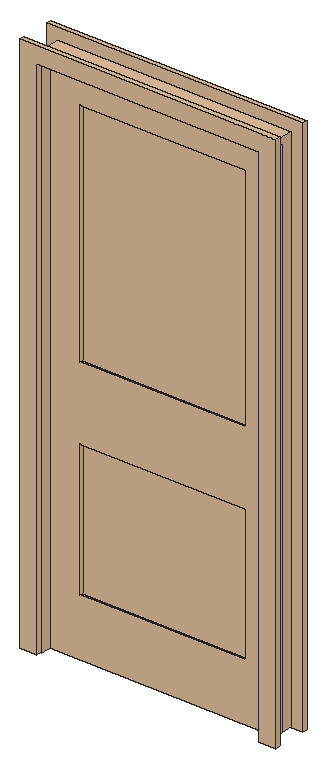
Revit family "M_Porta-Interna-Postiço-2-Único_Painel-Madeira", category Portas, Revit 2019
Family settings
  Hospedeiro = Parede
  Número OmniClass = 23.30.10.00
  Título OmniClass = Doors
  Sempre na vertical = Sim
  Corte com vazios quando carregada = Não
  Compartilhado = Não
  Ponto de cálculo do ambiente = Não
Parameters
  Visual Light Transmittance = 0
  Material da apara = Cerejeira
  Corrimão superior = 120 mm
  Espessura = 35 mm
  Resistência térmica (R) = 0.455703 (m²·K)/W
  Estilos = 120 mm
  Solar Heat Gain Coefficient = 0
  Rough Width = (Width * 2) + 25 mm  # 1825 mm
  Rough Height = Height + 115 mm  # 2215 mm
  Painel aberto [instance] = no
  Material do painel = Cerejeira
  Bloquear corrimão = 120 mm
  Localização [instance] = if(Painel aberto, 25.4 mm, Width)  # 900 mm
  Height = 2100 mm
  Fechamento da parede = Por hospedeiro
  Width = 900 mm
  Coeficiente de transferência de calor (U) = 2.19465 W/(m²·K)
  Função = Interior
  Material da moldura = Cerejeira
  Corrimão inferior = 230 mm
  Código de montagem = "C1020300"
  Construção analítica = "Madeira"
Reference planes
  plane 1 "Centro (Frente/Trás)": y = 0
  plane 2 "Centro (Esquerda/Direita)": x = 0
  plane 3 "Esquerda": x = -475.4
  plane 4 "Direita": x = 482.6
  plane 5 "Superior": z = 2125.4
  plane 6 "Exterior": y = 57.15
  plane 7 "Interior": y = -57.15
  plane 8 "Painel direito da porta": x = -450
  plane 9 "Painel esquerdo da porta": x = 450
  plane 10 "Topo do painel": z = 2100
  plane 11: z = 0
  plane 12: z = 0
  plane 13: x = 476.25
  plane 14: y = 19.05
  plane 15: y = -15.875
  plane 16: y = 17.5
  plane 17: z = 230
  plane 18: z = 1980
  plane 19: z = 768.35
  plane 20: z = 1060.45
  plane 21: z = 914.4
  plane 22: y = -17.5
  plane 23: y = -5.833
  plane 24: y = 5.833
  plane 25: x = 1349.6
  plane 26: x = 424.6
  plane 27: x = 449.6
  plane 28: x = -450.4
  plane 29: x = 329.6
  plane 30: x = -330.4
  plane 31: z = 1520.225
Forms (mm)
  Sweep 1, solid, material "Cerejeira" <- "Material da moldura"
    path origin (0, 0, 0) x (1, 0, 0) y (0, 0, 1)
      loop
        line (450, 2125.4) -> (-475.4, 2125.4) -> (-475.4, 0)
    profile origin (-475.4, 0, 1062.7) x (0, -1, 0) y (1, 0, 0)
      loop
        line (-57.15, 0) -> (57.15, 0) -> (57.15, 25.4) -> (-57.15, 25.4) -> (-57.15, 0)
  Sweep 2, solid, material "Cerejeira" <- "Material da apara", detail levels fine
    path origin (0, 57.15, 0) x (1, 0, 0) y (0, 0, 1)
      loop
        line (424.6, 0) -> (424.6, 2100) -> (-450, 2100) -> (-450, 0)
    profile "Perfil de caixa-plano : 20 x 65mm" origin (424.6, 57.15, 1050) x (-1, 0, 0) y (0, -1, 0)
      loop
        line (-6.35, -20) -> (-6.35, 0) -> (-71.35, 0) -> (-71.35, -20) -> (-6.35, -20)
  Sweep 3, solid, material "Cerejeira" <- "Material da apara", detail levels fine
    path origin (0, -57.15, 0) x (1, 0, 0) y (0, 0, 1)
      loop
        line (424.6, 0) -> (424.6, 2100) -> (-450, 2100) -> (-450, 0)
    profile "Perfil de caixa-plano : 20 x 65mm" origin (424.6, -57.15, 1050) x (-1, 0, 0) y (0, -1, 0)
      loop
        line (-6.35, 20) -> (-71.35, 20) -> (-71.35, 0) -> (-6.35, 0) -> (-6.35, 20)
  Extrusion 4, solid, material "Cerejeira" <- "Material do painel"
    sketch origin (889, 0, 0) x (1, 0, 0) y (0, 0, 1)
      loop
        line (-439.4, 2100) -> (-1339.4, 2100) -> (-1339.4, 0) -> (-439.4, 0) -> (-439.4, 2100)
      loop
        line (-559.4, 1980) -> (-1219.4, 1980) -> (-1219.4, 1060.45) -> (-559.4, 1060.45) -> (-559.4, 1980)
      loop
        line (-559.4, 768.35) -> (-1219.4, 768.35) -> (-1219.4, 230) -> (-559.4, 230) -> (-559.4, 768.35)
    from -17.5 to 17.5
  Extrusion 5, solid, material "Cerejeira" <- "Material do painel"
    sketch origin (0, 57.15, 0) x (1, 0, 0) y (0, 0, 1)
      loop
        line (329.6, 1980) -> (-330.4, 1980) -> (-330.4, 1060.45) -> (329.6, 1060.45) -> (329.6, 1980)
      loop
        line (329.6, 768.35) -> (-330.4, 768.35) -> (-330.4, 230) -> (329.6, 230) -> (329.6, 768.35)
    from 51.317 to 62.983
  Extrusion 6, void
    sketch origin (0, 0, 0) x (1, 0, 0) y (0, 1, 0)
      loop
        line (450, 20.675) -> (450, 57.15) -> (-475.4, 57.15) -> (-475.4, -57.15) -> (450, -57.15) -> (450, -20.675) -> (1349.6, -20.675) -> (1349.6, 20.675) -> (450, 20.675)
    from 0 to 2125.4
  Extrusion 7, solid, material "Cerejeira" <- "Material da moldura"
    sketch origin (0, 0, 0) x (1, 0, 0) y (0, 1, 0)
      loop
        line (424.6, 57.15) -> (424.6, 17.5) -> (450, 17.5) -> (450, 57.15) -> (424.6, 57.15)
      loop
        line (424.6, -17.5) -> (424.6, -57.15) -> (450, -57.15) -> (450, -17.5) -> (424.6, -17.5)
    from 0 to 2125.4
Cuts and joins
  joined: Sweep 1, Extrusion 7
Lines and regions (mm)
  Masking region 1
    outline origin (-25.4, 0, 0) x (1, 0, 0) y (0, 1, 0)
      loop
        line (-450, 57.15) -> (-450, -57.15) -> (-424.6, -57.15) -> (-424.6, 57.15) -> (-450, 57.15)
      loop
        line (475.4, 57.15) -> (450, 57.15) -> (450, 17.5) -> (475.4, 17.5) -> (475.4, 57.15)
      loop
        line (475.4, -57.15) -> (475.4, -17.5) -> (450, -17.5) -> (450, -57.15) -> (475.4, -57.15)
  Masking region 2, detail levels fine
    outline origin (0, 0, 0) x (1, 0, 0) y (0, 1, 0)
      loop
        line (-521.35, 77.15) -> (-521.35, 57.15) -> (-456.35, 57.15) -> (-456.35, 77.15) -> (-521.35, 77.15)
      loop
        line (-521.35, -57.15) -> (-521.35, -77.15) -> (-456.35, -77.15) -> (-456.35, -57.15) -> (-521.35, -57.15)
      loop
        line (430.95, 77.15) -> (430.95, 57.15) -> (495.95, 57.15) -> (495.95, 77.15) -> (430.95, 77.15)
      loop
        line (430.95, -57.15) -> (430.95, -77.15) -> (495.95, -77.15) -> (495.95, -57.15) -> (430.95, -57.15)
  Masking region 3
    outline origin (793.75, 0, 0) x (1, 0, 0) y (0, 1, 0)
      loop
        line (-1244.15, 17.5) -> (-1244.15, -17.5) -> (-344.15, -17.5) -> (-344.15, 17.5) -> (-1244.15, 17.5)
  symbolic lines, style "Giro da planta"
    curve 1: line (-50.8, 57.15, 1562.894) -> (32.839, 57.15, 1562.894)
    curve 2: line (50.8, 57.15, 1562.894) -> (32.839, 57.15, 1580.854)
    curve 3: line (32.839, 57.15, 1580.854) -> (32.839, 57.15, 1544.933)
    curve 4: line (50.8, 57.15, 1562.894) -> (32.839, 57.15, 1544.933)
  symbolic lines, style "Giro da planta", not visible
    curve 5: line (-46.82, 57.15, 1302.964) -> (36.819, 57.15, 1302.964)
    curve 6: line (54.78, 57.15, 1302.964) -> (36.819, 57.15, 1320.924)
    curve 7: line (36.819, 57.15, 1320.924) -> (36.819, 57.15, 1285.003)
    curve 8: line (54.78, 57.15, 1302.964) -> (36.819, 57.15, 1285.003)
  symbolic lines, style "InvisibleLines"
    curve 9: line (0, 57.15, 1562.894) -> (0, 57.15, 1575.594)
  symbolic lines, style "InvisibleLines", not visible
    curve 10: line (3.98, 57.15, 1302.964) -> (3.98, 57.15, 1315.664)
Text (mm)
  text "Exterior" at (-1904.17, 693.701, 0), in view "Nível de referência"
  text "Interior" at (-1904.17, -638.649, 0), in view "Nível de referência"
  text "Exterior" at (0, 1019.848, 3124.603), in view "Direita"
  text "Interior" at (0, -1635.541, 3124.603), in view "Direita"
  text "Interior" at (0, -787.806, 3124.376), in view "Esquerda"
  text "Exterior" at (0, 1386.095, 3124.376), in view "Esquerda"
Dimensions and locks
  equal spacing: plane 8 "Painel direito da porta", plane 2 "Centro (Esquerda/Direita)", plane 9 "Painel esquerdo da porta"
  "Width": plane 8 "Painel direito da porta" to plane 9 "Painel esquerdo da porta"
  "Height": level to plane 10 "Topo do painel"
  plane 11 to plane 12 = 0 mm
  "Corrimão superior": plane 18 to plane 10 "Topo do painel"
  plane 19 to plane 20 = 292.1 mm
  locked: plane 12 to plane 21 at 914.4
  equal spacing: plane 19, plane 21, plane 20
  "Corrimão inferior": plane 17 to plane 11
  "Espessura": plane 16 to plane 22
  equal spacing: plane 16, plane 24, plane 23, plane 22
  locked: plane 3 "Esquerda" to plane 8 "Painel direito da porta" at 25.4
  plane 26 to plane 9 "Painel esquerdo da porta" = 25.4 mm
  locked: plane 10 "Topo do painel" to plane 5 "Superior" at 25.4
  "Rough Width": plane 3 "Esquerda" to plane 25
  "Localização": plane 27 to plane 25
  "Width": plane 28 to plane 27
  "Estilos": plane 29 to plane 27
  "Estilos": plane 28 to plane 30
  equal spacing: plane 16, plane 1 "Centro (Frente/Trás)", plane 22
  equal spacing: plane 7 "Interior", plane 1 "Centro (Frente/Trás)", plane 6 "Exterior"
  locked: Extrusion 6 sketch curve to plane 16 at 3.175
  locked: plane 22 to Extrusion 6 sketch curve at 3.175
  equal spacing: plane 20, plane 31, plane 18
  aligned and locked: plane 7 "Interior" to host wall
  aligned and locked: Sweep 1 sketch curve to plane 3 "Esquerda"
  aligned and locked: plane 11 to level
  aligned and locked: Sweep 2 sketch curve to plane 8 "Painel direito da porta"
  aligned and locked: Sweep 2 sketch curve to plane 10 "Topo do painel"
  aligned and locked: plane 10 "Topo do painel" to Sweep 3 sketch curve
  aligned and locked: plane 8 "Painel direito da porta" to Sweep 3 sketch curve
  aligned and locked: Masking region 1 sketch curve to plane 3 "Esquerda"
  aligned and locked: Masking region 1 sketch curve to plane 7 "Interior"
  aligned and locked: plane 6 "Exterior" to Masking region 1 sketch curve
  aligned and locked: Masking region 2 sketch curve to Sweep 2  (x6)
  aligned and locked: Masking region 2 sketch curve to plane 6 "Exterior"  (x2)
  aligned and locked: plane 7 "Interior" to Masking region 2 sketch curve  (x2)
  aligned and locked: Masking region 2 sketch curve to Sweep 3  (x6)
  aligned and locked: plane 20 to Extrusion 4 sketch curve
  aligned and locked: Extrusion 4 sketch curve to plane 19
  aligned and locked: Extrusion 5 sketch curve to plane 18
  aligned and locked: plane 20 to Extrusion 5 sketch curve
  aligned and locked: Extrusion 5 sketch curve to plane 19
  aligned and locked: plane 17 to Extrusion 5 sketch curve
  aligned and locked: Extrusion 5 to plane 24
  aligned and locked: plane 16 to Extrusion 4
  aligned and locked: Extrusion 5 to plane 23
  aligned and locked: Extrusion 4 to plane 22
  aligned and locked: Masking region 3 sketch curve to plane 22
  aligned and locked: Masking region 3 sketch curve to plane 16
  aligned and locked: Extrusion 6 sketch curve to plane 3 "Esquerda"
  aligned and locked: plane 6 "Exterior" to Extrusion 6 sketch curve
  aligned and locked: Extrusion 6 sketch curve to plane 7 "Interior"
  aligned and locked: Sweep 1 sketch curve to plane 5 "Superior"
  aligned and locked: Masking region 1 sketch curve to plane 16
  aligned and locked: plane 22 to Masking region 1 sketch curve
  aligned and locked: Extrusion 7 sketch curve to plane 7 "Interior"
  aligned and locked: plane 16 to Extrusion 7 sketch curve
  aligned and locked: plane 22 to Extrusion 7 sketch curve
  aligned and locked: Extrusion 7 to plane 5 "Superior"
  aligned and locked: Sweep 1 sketch curve to plane 8 "Painel direito da porta"
  aligned and locked: plane 3 "Esquerda" to Sweep 1 sketch curve
  aligned and locked: plane 25 to Extrusion 6 sketch curve
  aligned and locked: plane 26 to Masking region 1 sketch curve  (x2)
  aligned and locked: Masking region 1 sketch curve to plane 9 "Painel esquerdo da porta"  (x2)
  aligned and locked: Extrusion 7 sketch curve to plane 26  (x2)
  aligned and locked: plane 9 "Painel esquerdo da porta" to Extrusion 7 sketch curve  (x2)
  aligned and locked: plane 9 "Painel esquerdo da porta" to Extrusion 6 sketch curve  (x2)
  aligned and locked: plane 26 to Sweep 3 sketch curve
  aligned and locked: plane 26 to Sweep 2 sketch curve
  aligned and locked: Masking region 3 sketch curve to plane 28
  aligned and locked: plane 27 to Masking region 3 sketch curve
  aligned and locked: Extrusion 4 sketch curve to plane 27
  aligned and locked: plane 29 to Extrusion 4 sketch curve
  aligned and locked: Extrusion 4 sketch curve to Extrusion 4 sketch curve  (x2)
  aligned and locked: Extrusion 4 sketch curve to plane 30
  aligned and locked: plane 28 to Extrusion 4 sketch curve
  aligned and locked: plane 29 to Extrusion 5 sketch curve
  aligned and locked: Extrusion 5 sketch curve to plane 30
  aligned and locked: Extrusion 5 sketch curve to Extrusion 5 sketch curve  (x2)
  aligned and locked: Extrusion 6 to plane 5 "Superior"
  aligned and locked: Sweep 1 sketch curve to plane 6 "Exterior"
  aligned and locked: plane 7 "Interior" to Sweep 1 sketch curve
  aligned and locked: curve 9 to plane 2 "Centro (Esquerda/Direita)"
  aligned and locked: Extrusion 4 sketch curve to plane 12
  aligned and locked: Extrusion 6 to level
  aligned and locked: Extrusion 7 to level
  aligned and locked: plane 11 to Sweep 1 sketch curve
  aligned and locked: plane 11 to Sweep 2 sketch curve  (x2)
  aligned and locked: plane 11 to Sweep 3 sketch curve  (x2)
Automatic sketch dimensions
  Sweep 1 sketch curve to plane 9 "Painel esquerdo da porta" = 0 mm
  Masking region 1 sketch curve to plane 8 "Painel direito da porta" = 0 mm
  Masking region 1 sketch curve to host wall = 0 mm  (x2)
  Extrusion 7 sketch curve to host wall = 0 mm
  Extrusion 4 sketch curve to plane 10 "Topo do painel" = 0 mm
  Extrusion 4 sketch curve to plane 17 = 0 mm
  Extrusion 4 sketch curve to plane 18 = 0 mm
  curve 1 to curve 9 = 50.8 mm
  curve 9 to curve 3 = 32.839 mm
  curve 1 to curve 4 = 17.961 mm
  curve 9 to curve 3 = 17.961 mm
  curve 2 to curve 1 = 0 mm
  curve 9 to curve 9 = 12.7 mm
  curve 5 to curve 10 = 50.8 mm
  curve 10 to curve 7 = 32.839 mm
  curve 5 to curve 8 = 17.961 mm
  curve 10 to curve 7 = 17.961 mm
  curve 6 to curve 5 = 0 mm
  curve 10 to curve 10 = 12.7 mm
Types in the file's own list only (21): name | Transmissão de luz visual | Resistência térmica (R) | Coeficiente de ganho de calor solar | Largura bruta | Altura bruta | Altura | Largura | Coeficiente de transferência de calor (U)
  600 x 2000mm | 0 | 0.4557 (m²·K)/W | 0 | 1225 mm | 2115 mm | 2000 mm | 600 mm | 2.1946 W/(m²·K)
  650 x 2000mm | 0 | 0.4557 (m²·K)/W | 0 | 1325 mm | 2115 mm | 2000 mm | 650 mm | 2.1946 W/(m²·K)
  700 x 2000mm | 0 | 0.4557 (m²·K)/W | 0 | 1425 mm | 2115 mm | 2000 mm | 700 mm | 2.1946 W/(m²·K)
  750 x 2000mm | 0 | 0.4557 (m²·K)/W | 0 | 1525 mm | 2115 mm | 2000 mm | 750 mm | 2.1946 W/(m²·K)
  800 x 2000mm | 0 | 0.4557 (m²·K)/W | 0 | 1625 mm | 2115 mm | 2000 mm | 800 mm | 2.1946 W/(m²·K)
  850 x 2000mm | 0 | 0.4557 (m²·K)/W | 0 | 1725 mm | 2115 mm | 2000 mm | 850 mm | 2.1946 W/(m²·K)
  900 x 2000mm | 0 | 0.4557 (m²·K)/W | 0 | 1825 mm | 2115 mm | 2000 mm | 900 mm | 2.1946 W/(m²·K)
  600 x 2100mm | 0 | 0.4557 (m²·K)/W | 0 | 1225 mm | 2215 mm | 2100 mm | 600 mm | 2.1946 W/(m²·K)
  650 x 2100mm | 0 | 0.4557 (m²·K)/W | 0 | 1325 mm | 2215 mm | 2100 mm | 650 mm | 2.1946 W/(m²·K)
  700 x 2100mm | 0 | 0.4557 (m²·K)/W | 0 | 1425 mm | 2215 mm | 2100 mm | 700 mm | 2.1946 W/(m²·K)
  750 x 2100mm | 0 | 0.4557 (m²·K)/W | 0 | 1525 mm | 2215 mm | 2100 mm | 750 mm | 2.1946 W/(m²·K)
  800 x 2100mm | 0 | 0.4557 (m²·K)/W | 0 | 1625 mm | 2215 mm | 2100 mm | 800 mm | 2.1946 W/(m²·K)
  850 x 2100mm | 0 | 0.4557 (m²·K)/W | 0 | 1725 mm | 2215 mm | 2100 mm | 850 mm | 2.1946 W/(m²·K)
  900 x 2100mm | 0 | 0.4557 (m²·K)/W | 0 | 1825 mm | 2215 mm | 2100 mm | 900 mm | 2.1946 W/(m²·K)
  600 x 2400mm | 0 | 0.4557 (m²·K)/W | 0 | 1225 mm | 2515 mm | 2400 mm | 600 mm | 2.1946 W/(m²·K)
  650 x 2400mm | 0 | 0.4557 (m²·K)/W | 0 | 1325 mm | 2515 mm | 2400 mm | 650 mm | 2.1946 W/(m²·K)
  700 x 2400mm | 0 | 0.4557 (m²·K)/W | 0 | 1425 mm | 2515 mm | 2400 mm | 700 mm | 2.1946 W/(m²·K)
  750 x 2400mm | 0 | 0.4557 (m²·K)/W | 0 | 1525 mm | 2515 mm | 2400 mm | 750 mm | 2.1946 W/(m²·K)
  800 x 2400mm | 0 | 0.4557 (m²·K)/W | 0 | 1625 mm | 2515 mm | 2400 mm | 800 mm | 2.1946 W/(m²·K)
  850 x 2400mm | 0 | 0.4557 (m²·K)/W | 0 | 1725 mm | 2515 mm | 2400 mm | 850 mm | 2.1946 W/(m²·K)
  900 x 2400mm | 0 | 0.4557 (m²·K)/W | 0 | 1825 mm | 2515 mm | 2400 mm | 900 mm | 2.1946 W/(m²·K)
